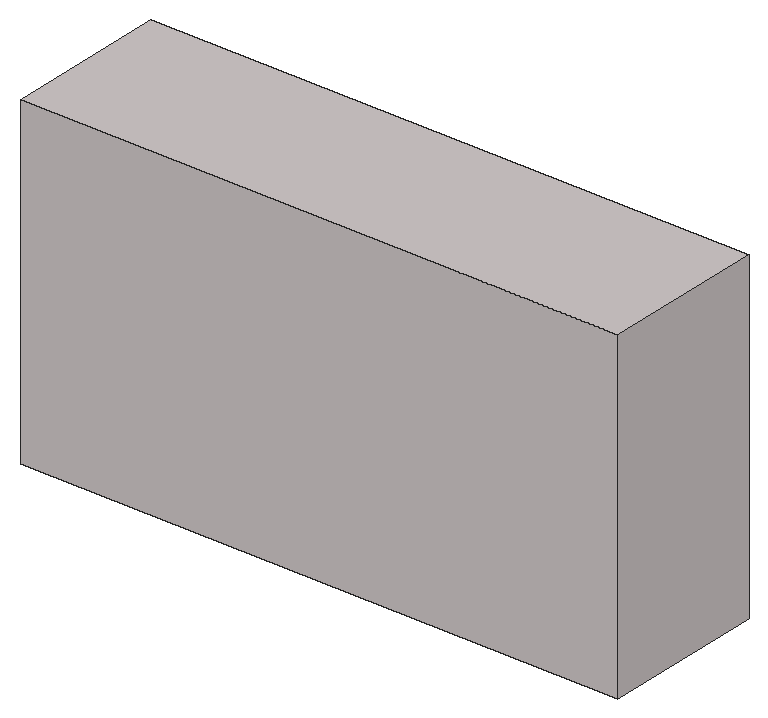
Revit family "0eadcc67458c46d0b6bf44adc1fcb3e8", category Structural Framing, Revit 2021
Family settings
  Display in Hidden Views = Edges Hidden by Other Members
  Structural Framing Length Roundoff = 0' - 0"
  Section Shape = Not Defined
  Material for Model Behavior = Precast Concrete
  Always export as geometry = No
  OmniClass Number = 23.25.30.11.14.14
  OmniClass Title = Beams
  Seek Item ID = Precast-Rectangular Beam-0000-USA-ENU
  Always vertical = Yes
  Cut with Voids When Loaded = No
  Symbolic Representation = From Family
  Shared = No
  Show family pre-cut in plan views = Yes
Parameters (values of type "12RB24")
  Structural Material [instance] = Concrete, Precast
  Assembly Code = "B10"
  Length [instance] = 5' - 0"
  b = 1' - 0"
  h = 2' - 0"
Types (3): name | b | h
  (no name) | 1' - 0" | 2' - 0"
  16RB32 | 1' - 4" | 2' - 8"
  12RB24 | 1' - 0" | 2' - 0"
Reference planes (in)
  plane 1 "Center (Front/Back)": y = 0
  plane 2: z = 0
  plane 3 "Center (Left/Right)": x = 0.1815
  plane 4 "Member Left": x = -21.8185
  plane 5 "Member Right": x = 22.1815
  plane 6: y = 6
  plane 7: y = -6
  plane 8: z = 12
  plane 9 "Bottom": z = -12
  plane 10 "Left": x = -29.8185
  plane 11 "Right": x = 30.1815
Forms (in)
  Sweep 1, solid, material "Concrete, Precast" <- "Structural Material"
    path origin (0, 0, 0) x (1, 0, 0) y (0, 1, 0)
      loop
        line (22.1815, 0) -> (-21.8185, 0)
    profile "Rectangular Beam-Profile : Rectangular Beam-Profile" origin (0.1815, 0, 0) x (0, -1, 0) y (0, 0, 1)
      loop
        line (-6, -12) -> (6, -12) -> (6, 12) -> (-6, 12) -> (-6, -12)
Dimensions and locks (in)
  "b": plane 6 to plane 7
  equal spacing: plane 9 "Bottom", plane 2, plane 8
  equal spacing: plane 6, plane 1 "Center (Front/Back)", plane 7
  "h": plane 9 "Bottom" to plane 8
  "Length": plane 10 "Left" to plane 11 "Right"
  aligned and locked: Sweep 1 sketch curve to plane 1 "Center (Front/Back)"
  aligned and locked: plane 4 "Member Left" to Sweep 1 sketch curve
  aligned and locked: plane 5 "Member Right" to Sweep 1 sketch curve
